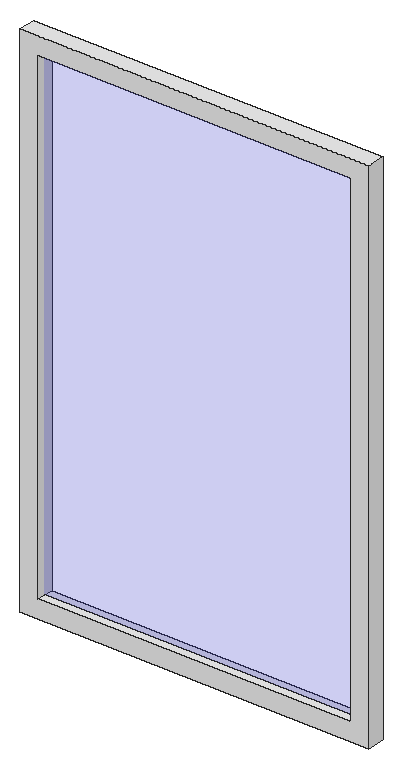
Revit family "Full Louver", category Generic Models, Revit 2021
Family settings
  Can host rebar = No
  Round Connector Dimension = Use Diameter
  Part Type = Normal
  Work Plane-Based = Yes
  Always vertical = No
  Cut with Voids When Loaded = No
  Shared = No
  Room Calculation Point = No
Parameters
  Width = 2000 mm
  Height = 3000 mm
  Glass Thickness = 6 mm
  Glass Material = Glass
  Frame Size = 100 mm
  Frame Material = Aluminum
  Family Template Reorganizer = "Karam Baki"  # constant formula
  Default Elevation = 1219.2 mm
  Angle [instance] = 0.00°
Reference planes
  plane 1 "Center (Front/Back)": y = 0
  plane 2: z = 0
  plane 3 "Center (Left/Right)": x = 0
Lines and regions (mm)
  reference lines
    curve 1: line (0, 0, 0) -> (2800, 0, 0)
Dimensions and locks
  "Angle": angle plane 1 "Center (Front/Back)" to curve 1
  aligned and locked: level to plane 2
  aligned and locked: plane 3 "Center (Left/Right)" to curve 1
  aligned and locked: plane 1 "Center (Front/Back)" to curve 1
Nested families
  nested 1: "PureLouver" at (0, 0, 0), type "PureLouver"
Definition of nested family "PureLouver"
  Parameters (values of type "PureLouver")
    Width = 2000 mm
    Height = 3000 mm
    Glass Thickness = 6 mm
    Glass Material = none
    Frame Size = 100 mm
    Frame Material = none
    Family Template Reorganizer = "Karam Baki"  # constant formula
    Default Elevation = 1219.2 mm
  Reference planes
    plane 1 "Center (Front/Back)": y = 0
    plane 2: z = 0
    plane 3 "Center (Left/Right)": x = 0
    plane 4: x = -1000
    plane 5: x = 1000
    plane 6: z = 3000
    plane 7: y = 3
    plane 8: y = -3
  Forms (mm)
    Sweep 1, solid, material <- "Frame Material"
      path origin (0, 0, 0) x (1, 0, 0) y (0, 0, 1)
        loop
          line (-1000, 3000) -> (-1000, 0) -> (1000, 0) -> (1000, 3000) -> (-1000, 3000)
      profile "ProfileFamily : ProfileFamily" origin (0, 0, 3000) x (0, 0, 1) y (0, -1, 0)
        loop
          line (0, 50) -> (-100, 50) -> (-100, -50) -> (0, -50) -> (0, 50)
    Extrusion 2, solid, material <- "Glass Material"
      sketch origin (0, 0, 0) x (1, 0, 0) y (0, 0, 1)
        loop
          line (-900, 2900) -> (-900, 100) -> (900, 100) -> (900, 2900) -> (-900, 2900)
      from -3 to 3
  Dimensions and locks
    "Height": plane 6 to level
    equal spacing: plane 5, plane 3 "Center (Left/Right)", plane 4
    "Width": plane 5 to plane 4
    equal spacing: plane 7, plane 1 "Center (Front/Back)", plane 8
    "Glass Thickness": plane 7 to plane 8
    aligned and locked: level to plane 2
    aligned and locked: Sweep 1 sketch curve to plane 6
    aligned and locked: plane 4 to Sweep 1 sketch curve
    aligned and locked: plane 2 to Sweep 1 sketch curve
    aligned and locked: Sweep 1 sketch curve to plane 5
    aligned and locked: Extrusion 2 sketch curve to Sweep 1  (x4)
    aligned and locked: Extrusion 2 to plane 7
    aligned and locked: Extrusion 2 to plane 8
